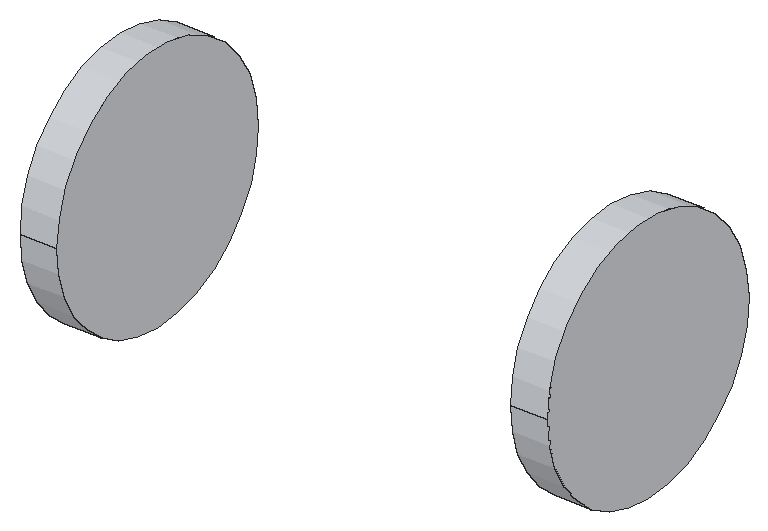
Revit family "SENT400S", category Mechanical Equipment, Revit 2013
Parameters
  Width (including controller) = "661mm"
  Width (excluding controller) = "568mm"
  Weight = "36Kg"
  Warranty period = "Unit 2 years,Motor 5 years"
  Spigot Diameter = "400mm"
  Product Description = "Sentinel D-Box Single Fan"
  Part Number = "SENT400S"
  Options = "Weatherproofed and Constant Pressure options"
  Operational and Maintenance Manual = "http://www.vent-axia.com/files/pdf-downloads/432395.pdf"
  Operating Temperature = "(-10C to +40C)"
  Motor Rating = "450 Watts (max)"
  Manufacturer - Website = "www.vent-axia.com"
  Manufacturer - Name = "Vent-Axia Ltd"
  Manufacturer - Email = "sales@vent-axia.com"
  Manufacturer - Contact Phone = "0844 856 0590"
  Manufacturer - Address = "Fleming Way, Crawley, West Sussex RH10 9YX"
  Length (including Spigots) = "808mm"
  Length (excluding Spigots) = "710mm"
  IP Rating  Internal = "IPX2"
  IP Rating  External (WP) = "IPX5"
  Height = "458mm"
  Country of Manufacture = "UK"
  Category = "Sentinel D-Box Single Fan"
  AC Voltage Input = "220-240 V AC (single phase))"
  AC Frequency Input = "50Hz nominal"
Reference planes
  plane 1 "Center (Front/Back)": y = 0
  plane 2: z = 0
  plane 3 "Center (Left/Right)": x = 0
  plane 4 "2": x = 404
  plane 5 "1": x = -404
  plane 6: y = 284
  plane 7: y = -284
Forms (mm)
  Extrusion 1, solid
    sketch origin (-404, 0, 0) x (0, 1, 0) y (0, 0, 1)
      loop
        circle (-41.715, 250.603) r 200
    from 0 to 58.911
  Extrusion 2, solid
    sketch origin (404, 0, 0) x (0, 1, 0) y (0, 0, 1)
      loop
        circle (0, 250.524) r 200
    from -1.221 to -60.131
Connectors
  hvac at (402.779, 0, 250.524)
    settings: on Extrusion 2, index 1, duct flow 0.0 L/s, flow factor 0, pres drop 0.0 Pa, loss coef 0, conn angle 0.00°, conn width 304.8 mm, conn height 304.8 mm, conn radius 200 mm, duct sys type 2, conn prof type 0, flow config 0, flow direction 1, loss method 0, conn ref index -1, conn util no, is conn primary yes, conn desc ""
  hvac at (-404, -41.715, 250.603)
    settings: on Extrusion 1, index 2, duct flow 0.0 L/s, flow factor 0, pres drop 0.0 Pa, loss coef 0, conn angle 0.00°, conn width 304.8 mm, conn height 304.8 mm, conn radius 200 mm, duct sys type 3, conn prof type 0, flow config 0, flow direction 2, loss method 0, conn ref index -1, conn util no, is conn primary no, conn desc ""
